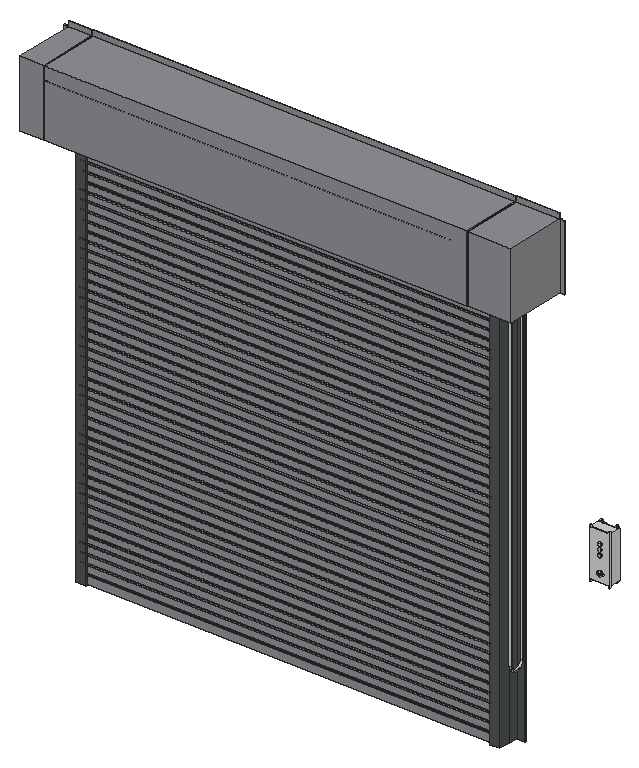
Revit family "Doors_Industrial_Overhead-Door-Corporation_EverServe-HD-Rolling-Steel-Service-Doors-625S_", category Specialty Equipment, host Wall, Revit 2019
Family settings
  Host = Wall
  Round Connector Dimension = Use Diameter
  Part Type = Normal
  OmniClass Number = 23.30.10.21.34
  OmniClass Title = Industrial Doors
  Always vertical = Yes
  Cut with Voids When Loaded = Yes
  Shared = No
  Room Calculation Point = No
Parameters (values of type "208 volts, one phase, 60 Hz (208-240V range)")
  Warning Sign [instance] = if(Calculated Area > 683.00 SF, 1 = 1, 1 = 2)  # no
  Warning (Note) [instance] = if(Warning Sign, "The Door Area is out of the limit; please adjust accordingly. The maximum allowed area is 683 sq. ft.", if(Opening Height > 360", "Headroom Clearance Dimensions - out of the limits. Consult Factory", " "))  # " "
  Wall Thickness [instance] = 6"
  Voltage = 208 V
  True Opening Width [instance] = Clear Width  # 120"
  True Opening Height [instance] = Clear Height  # 120"
  Slat Type [instance] = if(Slat Option < 2, "F-265i", "F-265")  # "F-265i"
  Slat Option [instance] = 1
  Slat Length [instance] = Clear Width + G Value * 2 - 1" / 2 * 2  # 126"
  Slat Height [instance] = 13 19/128"  # constant formula
  Slat [instance] = if(Slat Option < 2, 2, 1)  # 2
  Product Page URL = "https://www.overheaddoor.com/rolling-steel-service-doors-625S"
  Power Factor = 1
  Powder Coat (Note) = "PowderGuard® Premium powder coat finish options are available in approximately 200 colors as well as custom matching to specification. PowderGuard® Textured finish, a thicker, more scratch resistant coat, is available in 11 colors providing enhanced scratch resistance as well as aiding in hiding the dirt and blemishes that often occur in commercial environments.​"  # constant formula
  Opening Width Real [instance] = if(Opening Width > Max Opening Width, Max Opening Width, if(Opening Width < Min Opening Width, Min Opening Width, Opening Width))  # 120"
  Opening Width [instance] = 120"
  Opening Height Real [instance] = if(Opening Height > Max Opening Height, Max Opening Height, if(Opening Height < Min Opening Height, Min Opening Height, Opening Height))  # 120"
  Opening Height [instance] = 120"
  One Array element [instance] = not(Array Vis)  # no
  Number of Poles = 1
  Motor Position [instance] = M Value - G Value  # 2 3/4"
  Min Opening Width [instance] = 18"  # constant formula
  Min Opening Height [instance] = 24"  # constant formula
  Max Opening Width [instance] = 360"  # constant formula
  Max Opening Height [instance] = 240"  # constant formula
  Material Finish [instance] = 625S : Standard - Gray
  M Value [instance] = if(or(Opening Width < 108", Opening Width = 108"), 5 3/4", if(or(Opening Width < 180", Opening Width = 180"), 6 1/4", if(or(Opening Width < 240", Opening Width = 240"), 7 1/4", 9 1/4")))  # 6 1/4"
  Installation Real [instance] = Wall Thickness  # 6"
  Hood Type [instance] = "Square Hood"  # constant formula
  Hood Offset [instance] = 4"  # constant formula
  Hood Material [instance] = Metal - Overhead Door - Gray
  Hood Height [instance] = A Value + 2"  # 20"
  Headroom Height Real [instance] = Hood Offset + Hood Height  # 24"
  Headroom Height [instance] = Headroom Height Real + 1 1/2"  # 25 1/2"
  HC 4 [instance] = if(or(Clear Height < 84", Clear Height = 84"), 16", if(or(Clear Height < 132", Clear Height = 132"), 18", if(or(Clear Height < 192", Clear Height = 192"), 20", 22")))  # 18"
  HC 3 [instance] = if(or(Clear Height < 108", Clear Height = 108"), 16", if(or(Clear Height < 168", Clear Height = 168"), 18", 20"))  # 18"
  HC 2 [instance] = if(or(Clear Height < 60", Clear Height = 60"), 14", if(or(Clear Height < 120", Clear Height = 120"), 16", if(or(Clear Height < 180", Clear Height = 180"), 18", 20")))  # 16"
  HC 1 [instance] = if(or(Clear Height < 96", Clear Height = 96"), 14", if(or(Clear Height < 168", Clear Height = 168"), 16", 18"))  # 16"
  Guide Type [instance] = "Angled Z Guide"  # constant formula
  Guid Depth [instance] = D Value  # 6 1/4"
  G Value [instance] = if(or(Opening Width < 108", Opening Width = 108"), 3", if(or(Opening Width < 180", Opening Width = 180"), 3 1/2", if(or(Opening Width < 240", Opening Width = 240"), 4", 5 9/16")))  # 3 1/2"
  Frequency = 60 Hz
  Face of Wall Offset [instance] = 5"  # constant formula
  Door Width True [instance] = Clear Width + M Value * 2  # 132 1/2"
  Door Width (Real) [instance] = Clear Width + 1"  # 121"
  Door Height True [instance] = Clear Width + Headroom Height  # 145 1/2"
  Door Height (Real) [instance] = Clear Height + Hood Offset  # 124"
  URL = "https://www.overheaddoor.com/"
  Product data url = "https://www.bimobject.com/overhead-door/product/everserve-hd-rolling-steel-service-doors-625S"
  Product Guid = "6a0fd513-d7c8-41b2-bc4f-ca6d2d5c098a"
  Model = "625S"  # constant formula
  Manufacturer = "Overhead Door Corporation"  # constant formula
  Wall Closure = By host
  Floor To (CL) of Shaft [instance] = Clear Height + Hood Height / 2 + Hood Offset  # 134"
  Finish Material = Finish - Overhead Door - Black
  Description = "Everserve Model 625S Springless service door"  # constant formula
  D Value [instance] = if(or(Opening Width < 108", Opening Width = 108"), 5 11/16", if(or(Opening Width < 180", Opening Width = 180"), 6 1/4", if(or(Opening Width < 240", Opening Width = 240"), 6 3/16", 7 1/16")))  # 6 1/4"
  Clear Width [instance] = Opening Width Real  # 120"
  Clear Height [instance] = Opening Height Real  # 120"
  Current = 20 A
  Backroom Depth [instance] = A Value + 1/2"  # 18 1/2"
  BJ Displacement Real [instance] = 0"  # constant formula
  Array Vis [instance] = if(Array < 2, 1 = 2, 1 = 1)  # yes
  Array Real [instance] = if(Array < 2, 2, Array)  # 10
  Array Length [instance] = (Array) * Slat Height  # 131 31/64"
  Array [instance] = rounddown(([Door Height (Real)] - 3") / Slat Height) + 1  # 10
  Calculated Area [instance] = [Door Width (Real)] * [Door Height (Real)]  # 104.194 SF
  Apparent Load Phase 3 = if(Number of Poles = 1, 0 VA, (Voltage * Current * sqrt(3)) / 3)  # 0 VA
  Apparent Load Phase 2 = if(Number of Poles = 1, 0 VA, (Voltage * Current * sqrt(3)) / 3)  # 0 VA
  Apparent Load Phase 1 = if(Number of Poles = 1, Voltage * Current, (Voltage * Current * sqrt(3)) / 3)  # 4160 VA
  A Value [instance] = if(Slat Option < 2, HC 4, HC 3)  # 18"
Reference planes (in)
  plane 1 "Center (Front/Back)": y = -14.625
  plane 2 "Center (Left/Right)": x = 0
  plane 3 "Left": x = -60
  plane 4 "Right": x = 60
  plane 5 "Exterior": y = -8.625
  plane 6 "Interior": y = -14.625
  plane 7: x = 66.25
  plane 8: x = -66.25
  plane 9: z = 120
  plane 10 "Main": y = -20.23437
  plane 11 "Backroom Depth": y = -32.125
  plane 12 "Main Door Block": y = -13.625
  plane 13 "Bottom Bar": z = 2.75
  plane 14: y = -20.875
  plane 15: z = 134.23438
  plane 16: z = 144
  plane 17: z = 124
  plane 18: z = 145.5
  plane 19: z = 0
  plane 20: z = 60
  plane 21: y = -20.0625
  plane 22: y = 18.375
  plane 23: y = -41.625
  plane 24 "Double Main": y = -19.656
  plane 25 "Headroom Top": z = 145.5
  plane 26: z = 134
  plane 27: x = 63.5
  plane 28: x = -63.5
  plane 29: z = 121.08594
  plane 30: y = -20.0625
  plane 31: z = 2.75
  plane 32: y = -20.0625
  plane 33: z = 121.08594
  plane 34: y = -20.0625
  plane 35: z = 15.89844
  plane 36: y = -20.0625
  plane 37: z = 29.04688
  plane 38: y = -20.0625
  plane 39: z = 42.19531
  plane 40: y = -20.0625
  plane 41: z = 55.34375
  plane 42: y = -20.0625
  plane 43: z = 68.49219
  plane 44: y = -20.0625
  plane 45: z = 81.64063
  plane 46: y = -20.0625
  plane 47: z = 94.78906
  plane 48: y = -20.0625
  plane 49: z = 107.9375
  plane 50: z = 2.75
  plane 51: y = -20.0625
  plane 52: z = 121.08594
  plane 53: y = -20.0625
  plane 54: z = 15.89844
  plane 55: y = -20.0625
  plane 56: z = 29.04688
  plane 57: y = -20.0625
  plane 58: z = 42.19531
  plane 59: y = -20.0625
  plane 60: z = 55.34375
  plane 61: y = -20.0625
  plane 62: z = 68.49219
  plane 63: y = -20.0625
  plane 64: z = 81.64063
  plane 65: y = -20.0625
  plane 66: z = 94.78906
  plane 67: y = -20.0625
  plane 68: z = 107.9375
  plane 69: y = -20.0625
Forms (in)
  Extrusion 1, void
    sketch origin (0, -13.625, 0) x (0, 0, -1) y (-1, 0, 0)
      loop
        line (-120, 60) -> (-120, -60) -> (0, -60) -> (0, 60) -> (-120, 60)
    from -1 to 5
Text (in)
  text "Exterior" at (-74.96733, 27.31104, 0), in view "Ref. Level"
  text "Interior" at (-74.96733, -25.14366, 0), in view "Ref. Level"
  text "Exterior" at (0, 40.15149, 123.01588), in view "Right"
  text "Interior" at (0, -64.39139, 123.01588), in view "Right"
  text "Interior" at (0, -31.01599, 123.00693), in view "Left"
  text "Exterior" at (0, 54.57065, 123.00693), in view "Left"
Dimensions and locks (in)
  equal spacing: plane 3 "Left", plane 2 "Center (Left/Right)", plane 4 "Right"
  "Clear Width": plane 3 "Left" to plane 4 "Right"
  level to host wall = 459.59655"
  "Clear Height": level to plane 9
  plane 7 to plane 8 = 132 1/2"
  equal spacing: plane 7, plane 2 "Center (Left/Right)", plane 8
  locked: plane 13 "Bottom Bar" to level at 2.75
  "Door Width True": plane 7 to plane 8
  locked: plane 14 to plane 10 "Main" at 0.64063
  "Array Length": plane 15 to plane 13 "Bottom Bar"
  "Backroom Depth": plane 11 "Backroom Depth" to plane 12 "Main Door Block"
  "Hood Height": plane 16 to plane 17
  locked: plane 18 to plane 16 at 1.5
  "Installation Real": plane 1 "Center (Front/Back)" to plane 5 "Exterior"
  "Wall Thickness": host wall to host wall
  equal spacing: plane 9, plane 20, plane 19
  locked: plane 10 "Main" to plane 21 at 0.17187
  equal spacing: plane 22, host wall, plane 23
  locked: plane 22 to plane 23 at 60
  locked: plane 10 "Main" to plane 24 "Double Main" at 0.57837
  "Hood Offset": plane 17 to plane 9
  "Headroom Height": plane 25 "Headroom Top" to plane 9
  "Floor To (CL) of Shaft": plane 26 to level
  "Motor Position": plane 7 to plane 27
  "Motor Position": plane 28 to plane 8
  "Guid Depth": plane 14 to plane 1 "Center (Front/Back)"
  "Slat Height": plane 15 to plane 29
  equal spacing: group 1, group 3, group 4, group 5, group 6, group 7, group 8, group 9, group 10, group 2  (x2)
  equal spacing: group 2, group 10, group 9, group 8, group 7, group 6, group 5, group 4, group 3, group 1
  equal spacing: group 12, group 20, group 19, group 18, group 17, group 16, group 15, group 14, group 13, group 11  (x2)
  equal spacing: group 11, group 13, group 14, group 15, group 16, group 17, group 18, group 19, group 20, group 12
  aligned and locked: plane 5 "Exterior" to host wall
  aligned and locked: host wall to plane 6 "Interior"
  aligned and locked: level to Extrusion 1 sketch curve
  aligned and locked: Extrusion 1 to plane 5 "Exterior"
  aligned and locked: plane 6 "Interior" to Extrusion 1
  aligned and locked: nested 1 to plane 2 "Center (Left/Right)"
  aligned and locked: nested 1 to level
  aligned and locked: level to plane 19
  aligned and locked: nested 1 to plane 1 "Center (Front/Back)"
  aligned and locked: plane 2 "Center (Left/Right)" to nested 2
  aligned and locked: nested 2 to plane 22
  aligned and locked: plane 23 to nested 3
  aligned and locked: nested 3 to plane 2 "Center (Left/Right)"
  aligned and locked: nested 4 to plane 20
  aligned and locked: plane 2 "Center (Left/Right)" to nested 4
  aligned and locked: nested 4 to plane 21
  aligned and locked: plane 4 "Right" to Extrusion 1 sketch curve
  aligned and locked: plane 3 "Left" to Extrusion 1 sketch curve
  aligned and locked: Extrusion 1 sketch curve to plane 9
  aligned and locked: plane 13 "Bottom Bar" to plane 31
  aligned and locked: plane 21 to plane 30
  aligned and locked: plane 29 to plane 33
  aligned and locked: plane 32 to plane 21
  aligned and locked: plane 13 "Bottom Bar" to plane 50
  aligned and locked: plane 21 to plane 51
  aligned and locked: plane 29 to plane 52
  aligned and locked: plane 53 to plane 21
  aligned and locked: plane 21 to nested 15
Nested families (in)
  nested 1: "Lifts" at (0, -14.625, 0), type "Frame Unit"
    with Square Hood yes, Round Hood no, Right Motor Position yes, Octagon Hood no, No Hood no, Hood Height 20", Headroom Height Real 24", Half Hood Height 20", Shaft Offset 9 1/4", Headroom Height 24", Header Width 18 1/2", Floor To (CL) of Shaft 134"
  nested 2: "Label Annotation 1" at (0, 18.375, 0), visible <- "Warning Sign", type "Label Annotation 1"
  nested 3: "Label Annotation 1" at (0, -41.625, 0) x (-1, 0, 0) z (0, 0, 1), visible <- "Warning Sign", type "Label Annotation 1"
  nested 4: "Warning Sign" at (0, -20.0625, 60), visible <- "Warning Sign", type "Warning Sign"
    with Warning Sign no
  nested 5: "625S" at (0, -20.0625, 2.75), Slat Option <- "Slat", Opening Width <- "Slat Length", visible <- "Array Vis", type <- "Material Finish", type "Standard - Gray"
    with not av no, Void Offset 1", Void Height 1", Slat Width 3/4", Slat Position + Offset 14.491", Slat Position 13.15", Slat Option 2, Opening Width 126", Integrated Cutout no, F-265i yes, F 265 no, Cutout Width Offset 1", Cutout Vertical Offset 1.341", Cutout Thickness 3/4", Cutout Horizontal Offset 1", Cutout Center Offset 0.298"
  nested 6: "625S" at (0, -20.0625, 121.08594), Slat Option <- "Slat", Opening Width <- "Slat Length", visible <- "Array Vis", type <- "Material Finish", type "Standard - Gray"
    with not av no, Void Offset 1", Void Height 1", Slat Width 3/4", Slat Position + Offset 14.491", Slat Position 13.15", Slat Option 2, Opening Width 126", Integrated Cutout no, F-265i yes, F 265 no, Cutout Width Offset 1", Cutout Vertical Offset 1.341", Cutout Thickness 3/4", Cutout Horizontal Offset 1", Cutout Center Offset 0.298"
  nested 7: "625S" at (0, -20.0625, 15.89844), Slat Option <- "Slat", Opening Width <- "Slat Length", visible <- "Array Vis", type <- "Material Finish", type "Standard - Gray"
    with not av no, Void Offset 1", Void Height 1", Slat Width 3/4", Slat Position + Offset 14.491", Slat Position 13.15", Slat Option 2, Opening Width 126", Integrated Cutout no, F-265i yes, F 265 no, Cutout Width Offset 1", Cutout Vertical Offset 1.341", Cutout Thickness 3/4", Cutout Horizontal Offset 1", Cutout Center Offset 0.298"
  nested 8: "625S" at (0, -20.0625, 29.04688), Slat Option <- "Slat", Opening Width <- "Slat Length", visible <- "Array Vis", type <- "Material Finish", type "Standard - Gray"
    with not av no, Void Offset 1", Void Height 1", Slat Width 3/4", Slat Position + Offset 14.491", Slat Position 13.15", Slat Option 2, Opening Width 126", Integrated Cutout no, F-265i yes, F 265 no, Cutout Width Offset 1", Cutout Vertical Offset 1.341", Cutout Thickness 3/4", Cutout Horizontal Offset 1", Cutout Center Offset 0.298"
  nested 9: "625S" at (0, -20.0625, 42.19531), Slat Option <- "Slat", Opening Width <- "Slat Length", visible <- "Array Vis", type <- "Material Finish", type "Standard - Gray"
    with not av no, Void Offset 1", Void Height 1", Slat Width 3/4", Slat Position + Offset 14.491", Slat Position 13.15", Slat Option 2, Opening Width 126", Integrated Cutout no, F-265i yes, F 265 no, Cutout Width Offset 1", Cutout Vertical Offset 1.341", Cutout Thickness 3/4", Cutout Horizontal Offset 1", Cutout Center Offset 0.298"
  nested 10: "625S" at (0, -20.0625, 55.34375), Slat Option <- "Slat", Opening Width <- "Slat Length", visible <- "Array Vis", type <- "Material Finish", type "Standard - Gray"
    with not av no, Void Offset 1", Void Height 1", Slat Width 3/4", Slat Position + Offset 14.491", Slat Position 13.15", Slat Option 2, Opening Width 126", Integrated Cutout no, F-265i yes, F 265 no, Cutout Width Offset 1", Cutout Vertical Offset 1.341", Cutout Thickness 3/4", Cutout Horizontal Offset 1", Cutout Center Offset 0.298"
  nested 11: "625S" at (0, -20.0625, 68.49219), Slat Option <- "Slat", Opening Width <- "Slat Length", visible <- "Array Vis", type <- "Material Finish", type "Standard - Gray"
    with not av no, Void Offset 1", Void Height 1", Slat Width 3/4", Slat Position + Offset 14.491", Slat Position 13.15", Slat Option 2, Opening Width 126", Integrated Cutout no, F-265i yes, F 265 no, Cutout Width Offset 1", Cutout Vertical Offset 1.341", Cutout Thickness 3/4", Cutout Horizontal Offset 1", Cutout Center Offset 0.298"
  nested 12: "625S" at (0, -20.0625, 81.64063), Slat Option <- "Slat", Opening Width <- "Slat Length", visible <- "Array Vis", type <- "Material Finish", type "Standard - Gray"
    with not av no, Void Offset 1", Void Height 1", Slat Width 3/4", Slat Position + Offset 14.491", Slat Position 13.15", Slat Option 2, Opening Width 126", Integrated Cutout no, F-265i yes, F 265 no, Cutout Width Offset 1", Cutout Vertical Offset 1.341", Cutout Thickness 3/4", Cutout Horizontal Offset 1", Cutout Center Offset 0.298"
  nested 13: "625S" at (0, -20.0625, 94.78906), Slat Option <- "Slat", Opening Width <- "Slat Length", visible <- "Array Vis", type <- "Material Finish", type "Standard - Gray"
    with not av no, Void Offset 1", Void Height 1", Slat Width 3/4", Slat Position + Offset 14.491", Slat Position 13.15", Slat Option 2, Opening Width 126", Integrated Cutout no, F-265i yes, F 265 no, Cutout Width Offset 1", Cutout Vertical Offset 1.341", Cutout Thickness 3/4", Cutout Horizontal Offset 1", Cutout Center Offset 0.298"
  nested 14: "625S" at (0, -20.0625, 107.9375), Slat Option <- "Slat", Opening Width <- "Slat Length", visible <- "Array Vis", type <- "Material Finish", type "Standard - Gray"
    with not av no, Void Offset 1", Void Height 1", Slat Width 3/4", Slat Position + Offset 14.491", Slat Position 13.15", Slat Option 2, Opening Width 126", Integrated Cutout no, F-265i yes, F 265 no, Cutout Width Offset 1", Cutout Vertical Offset 1.341", Cutout Thickness 3/4", Cutout Horizontal Offset 1", Cutout Center Offset 0.298"
  nested 15: "625S" at (0, -20.0625, 2.75), Slat Option <- "Slat", Opening Width <- "Slat Length", visible <- "One Array element", type <- "Material Finish", type "Standard - Gray"
    with not av no, Void Offset 1", Void Height 1", Slat Width 3/4", Slat Position + Offset 14.491", Slat Position 13.15", Slat Option 2, Opening Width 126", Integrated Cutout no, F-265i yes, F 265 no, Cutout Width Offset 1", Cutout Vertical Offset 1.341", Cutout Thickness 3/4", Cutout Horizontal Offset 1", Cutout Center Offset 0.298"
Connectors (in)
  electrical at (91.25, -17.915, 60), driven by "Apparent Load Phase 1", driven by "Apparent Load Phase 2", driven by "Apparent Load Phase 3", driven by "Power Factor", driven by "Voltage", driven by "Number of Poles"
    settings: on nested 1, index 1, voltage 208 V, apparent load 0 VA, apparent load phase1 4160 VA, apparent load phase2 0 VA, apparent load phase3 0 VA, power factor 1, load classification "Other", number of poles 1, system type 31, power factor state 1, is connector primary yes, connector utility no, sub classification motor no, connector description "Electrical Connector"
Definition of nested family "Lifts"
  Parameters (values of type "Frame Unit")
    True Width = if(Between Jambs, Opening Width, Opening Width + 1/2")  # 120 1/2"
    Square Hood [instance] = if(Hood Option = 2, 1 = 1, 1 = 2)  # yes
    Slat Option = 1
    Round Hood [instance] = if(Hood Option > 3, 1 = 1, 1 = 2)  # no
    Rough Width = 0"
    Rough Height = 0"
    Right Motor Position [instance] = yes
    Octagon Hood [instance] = if(Hood Option = 3, 1 = 1, 1 = 2)  # no
    No Hood [instance] = if(Hood Option < 2, 1 = 1, 1 = 2)  # no
    M Value = 6 1/4"
    Hood Type = if(Hood Option < 2, "No Hood", if(Hood Option = 2, "Square Hood", if(Hood Option = 3, "Octagon Hood", "Round Hood")))  # "Square Hood"
    Hood Option = 2
    Hood Offset = 4"
    Hood Height = Headroom Height Real - Hood Offset  # 18"
    Headroom Height Real = Headroom Height  # 22"
    Half Octagon Side = 3.41726"
    Half Hood Height = Headroom Height - Hood Offset  # 18"
    G Value = 3 1/2"
    E Guide Width = if(Between Jambs, Guide Offset - G Value + BJ Connection Length - BJ Displacement * 2 / 3, 3")  # 3"
    E Guide Height = 3"  # constant formula
    Z Guide = 1 = 1  # yes
    Slat Material = none
    Shaft Offset = if(Hood Height < Header Width, (Header Width - (Header Width - Hood Height)) / 2, Header Width / 2)  # 8 1/4"
    Shaft Material = none
    Shaft Length 2 = 18"  # constant formula
    Shaft Length 1 = 12"  # constant formula
    Setback = if(Between Jambs, 0", 1/2")  # 1/2"
    Opening Width = 120"
    Hood Material = none
    Headroom Height = 22"
    Header Width = 16 1/2"
    Opening Height = 120"
    Guide Type = if(Between Jambs, "Angled Between Jambs Z Guide", if(Guide Option > 1, "Angled Z Guide", "Angled E Guide"))  # "Angled Z Guide"
    Guide Option = if(Between Jambs, 1, 2)  # 2
    Guide Offset = BJ Displacement + G Value  # 3 1/2"
    Guide Z Wide = if(Between Jambs, Guide Offset - G Value + BJ Connection Length - BJ Displacement * 2 / 3, M Value - G Value)  # 2 3/4"
    Guide Z Height = 3"  # constant formula
    Floor To (CL) of Shaft = 133"
    Finish Material = none
    Face to Wall Mount = not(Between Jambs)  # yes
    E Guide = if(Between Jambs, 1 = 1, 1 = 2)  # no
    D Value = 6 1/4"
    Chain offset = if(Opening Height < 35", Opening Height - 5", 30")  # 30"
    Between Jambs = no
    BJ Position = if(Between Jambs, 1/4", 0")  # 0"
    BJ Displacement = 0"
    BJ Connection Length = 1 / 3 * BJ Displacement  # 0"
    Angled Guide = 1 = 1  # yes
    1 = 14.57"
  Reference planes (in)
    plane 1 "Center (Front/Back)": y = 0
    plane 2: z = 0
    plane 3 "Center (Left/Right)": x = 0
    plane 4 "Opening Height": z = 120
    plane 5: x = -72
    plane 6: x = 78
    plane 7: z = 142
    plane 8: y = 16.5
    plane 9 "Real Opening 2": x = -60
    plane 10 "Real Opening 1": x = 60
    plane 11: z = 124
    plane 12 "Main": y = 0
    plane 13: z = 133
    plane 14: x = 63.5
    plane 15: x = -63.5
    plane 16: x = -63.5
    plane 17: x = 63.5
    plane 18: y = 6.25
    plane 19: x = -63.25
    plane 20: x = 63.25
    plane 21: z = 143.5
    plane 22: y = 6.25
    plane 23: y = 5.125
    plane 24: y = 6.25
    plane 25: y = 5.125
    plane 26: y = 0.25
    plane 27: z = 124
    plane 28: z = 30
    plane 29: z = 0
    plane 30: x = 74
    plane 31: x = 91.25
    plane 32: z = 60
    plane 33: x = 88.2
    plane 34: x = 94.3
    plane 35: y = 3.54
    plane 36: x = 76.25
    plane 37: x = -70.25
  Forms (in)
    Extrusion 1, solid, material <- "Slat Material"
      sketch origin (0, 0, 0) x (0, 1, 0) y (0, 0, 1)
        loop
          line (5.4375, 2.375) -> (5.4375, 2.75) -> (4.8125, 2.75) -> (4.8125, 2.375) -> (5.4375, 2.375)
      from -63.25 to 63.25
    Extrusion 2, solid, material <- "Slat Material"
      sketch origin (0, 0, 0) x (0, 1, 0) y (0, 0, 1)
        loop
          line (5.4375, 2.375) -> (4.8125, 2.375) -> (4.8125, 0) -> (5.4375, 0) -> (5.4375, 2.375)
      from -63.25 to 63.25
    Extrusion 3, solid, material <- "Shaft Material"
      sketch origin (0, -5.35201, 0) x (0, 1, 0) y (0, 0, 1)
        loop
          circle (13.60201, 133) r 0.6
      from -70.25 to 76.25
    Extrusion 4, solid, material <- "Hood Material", visible <- "Square Hood"
      sketch origin (0, 0, 0) x (0, 1, 0) y (0, 0, 1)
        loop
          line (0, 124) -> (16.5, 124) -> (16.5, 143.5) -> (0, 143.5) -> (0, 124)
      from -63.25 to 63.25
    Extrusion 5, solid, material <- "Finish Material", visible <- "E Guide"
      sketch origin (0, 0, 0) x (1, 0, 0) y (0, 1, 0)
        loop
          line (60.5, 0) -> (63.5, 0) -> (63.5, 3) -> (63.4375, 3)
          arc (63.4375, 3) -> (63.30492, 2.94508) -> (63.25, 2.8125) r 0.1875
          line (63.25, 2.8125) -> (63.25, 0.25) -> (60.6875, 0.25)
          arc (60.6875, 0.25) -> (60.55492, 0.19508) -> (60.5, 0.0625) r 0.1875
          line (60.5, 0.0625) -> (60.5, 0)
        loop
          line (-60.5, 0) -> (-60.5, 0.0625)
          arc (-60.5, 0.0625) -> (-60.55492, 0.19508) -> (-60.6875, 0.25) r 0.1875
          line (-60.6875, 0.25) -> (-63.25, 0.25) -> (-63.25, 2.8125)
          arc (-63.25, 2.8125) -> (-63.30492, 2.94508) -> (-63.4375, 3) r 0.1875
          line (-63.4375, 3) -> (-63.5, 3) -> (-63.5, 0) -> (-60.5, 0)
      from 0 to 124
    Extrusion 6, solid, material <- "Finish Material", visible <- "Z Guide"
      sketch origin (0, 0, 0) x (1, 0, 0) y (0, 1, 0)
        loop
          line (66.25, 0) -> (66.25, 0.062)
          arc (66.25, 0.062) -> (66.19494, 0.19494) -> (66.062, 0.25) r 0.188
          line (66.062, 0.25) -> (63.75, 0.25) -> (63.75, 2.812)
          arc (63.75, 2.812) -> (63.69494, 2.94494) -> (63.562, 3) r 0.188
          line (63.562, 3) -> (63.5, 3) -> (63.5, 0) -> (66.25, 0)
        loop
          line (-66.25, 0) -> (-63.5, 0) -> (-63.5, 3) -> (-63.562, 3)
          arc (-63.562, 3) -> (-63.69494, 2.94494) -> (-63.75, 2.812) r 0.188
          line (-63.75, 2.812) -> (-63.75, 0.25) -> (-66.062, 0.25)
          arc (-66.062, 0.25) -> (-66.19494, 0.19494) -> (-66.25, 0.062) r 0.188
          line (-66.25, 0.062) -> (-66.25, 0)
      from 0 to 124
    Extrusion 7, solid, material <- "Finish Material", visible <- "Angled Guide"
      sketch origin (0, 0, 0) x (1, 0, 0) y (0, 1, 0)
        loop
          line (60.5, 6.25) -> (60.5, 6.187)
          arc (60.5, 6.187) -> (60.55477, 6.05477) -> (60.687, 6) r 0.187
          line (60.687, 6) -> (63.25, 6) -> (63.25, 4.25) -> (60.5, 4.25) -> (60.5, 4.187)
          arc (60.5, 4.187) -> (60.55477, 4.05477) -> (60.687, 4) r 0.187
          line (60.687, 4) -> (63, 4) -> (63, 2.3125) -> (63.25, 2.3125) -> (63.25, 2) -> (63.5, 2) -> (63.5, 6.25) -> (60.5, 6.25)
        loop
          line (-60.5, 6.25) -> (-63.5, 6.25) -> (-63.5, 2) -> (-63.25, 2) -> (-63.25, 2.3125) -> (-63, 2.3125) -> (-63, 4) -> (-60.687, 4)
          arc (-60.687, 4) -> (-60.55477, 4.05477) -> (-60.5, 4.187) r 0.187
          line (-60.5, 4.187) -> (-60.5, 4.25) -> (-63.25, 4.25) -> (-63.25, 6) -> (-60.687, 6)
          arc (-60.687, 6) -> (-60.55477, 6.05477) -> (-60.5, 6.187) r 0.187
          line (-60.5, 6.187) -> (-60.5, 6.25)
      from 0 to 124
    Extrusion 8, solid, material <- "Hood Material"
      sketch origin (0, 0, 0) x (-1, 0, 0) y (0, 0, 1)
        loop
          line (63.25, 124) -> (63.5, 124) -> (63.5, 142) -> (63.25, 142) -> (63.25, 124)
        loop
          line (-63.5, 124) -> (-63.25, 124) -> (-63.25, 142) -> (-63.5, 142) -> (-63.5, 124)
      from 0 to 16.5
    Extrusion 9, solid, material <- "Hood Material"
      sketch origin (0, 0, 0) x (1, 0, 0) y (0, 1, 0)
        loop
          line (-72, 0) -> (-63.5, 0) -> (-63.5, 16.5) -> (-72, 16.5) -> (-72, 0)
        loop
          line (78, 0) -> (78, 16.5) -> (63.5, 16.5) -> (63.5, 0) -> (78, 0)
      from 124 to 143.5
    Extrusion 10, void
      sketch origin (0, 0, 0) x (1, 0, 0) y (0, 0, 1)
        loop
          line (-72, 143.5) -> (-72, 124) -> (-70.5, 124) -> (-70.5, 142) -> (76.5, 142) -> (76.5, 120) -> (78, 120) -> (78, 143.5) -> (-72, 143.5)
      from -0.25 to -16.5
    Extrusion 11, void
      sketch origin (0, 0, 0) x (1, 0, 0) y (0, 0, 1)
        loop
          line (-72, 142) -> (-70.5, 142) -> (-70.5, 143.5) -> (-72, 143.5) -> (-72, 142)
        loop
          line (78, 142) -> (78, 143.5) -> (76.5, 143.5) -> (76.5, 142) -> (78, 142)
      from 0 to -0.25
    Sweep 12, solid
      path origin (74, -12.75, 1000) x (0, -1, 0) y (0, 0, 1)
        loop
          line (-26.53866, -876) -> (-26.53866, -970)
          arc (-26.53866, -970) -> (-24.10116, -972.4375) -> (-21.66366, -970) r 2.4375
          line (-21.66366, -970) -> (-21.66366, -876)
      profile origin (74, 13.78866, 77) x (-1, 0, 0) y (0, -1, 0)
        loop
          circle (0, 0.2675) r 0.2675
    Extrusion 13, solid
      sketch origin (91.25, 0, 60) x (1, 0, 0) y (0, 0, 1)
        loop
          line (-3.05, 6.9501) -> (-3.05, -6.9501) -> (-2.68608, -7.50057)
          arc (-2.68608, -7.50057) -> (-2.29289, -7.67009) -> (-1.98022, -7.37757) r 0.3909
          arc (-1.98022, -7.37757) -> (-1.82768, -7.14063) -> (-1.56135, -7.04853) r 0.43113
          line (-1.56135, -7.04853) -> (1.56135, -7.04853)
          arc (1.56135, -7.04853) -> (1.82768, -7.14063) -> (1.98022, -7.37757) r 0.43113
          arc (1.98022, -7.37757) -> (2.29289, -7.67009) -> (2.68608, -7.50057) r 0.3909
          line (2.68608, -7.50057) -> (3.05, -6.9501) -> (3.05, 6.9501) -> (2.68608, 7.50057)
          arc (2.68608, 7.50057) -> (2.29289, 7.67009) -> (1.98022, 7.37757) r 0.3909
          arc (1.98022, 7.37757) -> (1.82768, 7.14063) -> (1.56135, 7.04853) r 0.43113
          line (1.56135, 7.04853) -> (-1.56135, 7.04853)
          arc (-1.56135, 7.04853) -> (-1.82768, 7.14063) -> (-1.98022, 7.37757) r 0.43113
          arc (-1.98022, 7.37757) -> (-2.29289, 7.67009) -> (-2.68608, 7.50057) r 0.3909
          line (-2.68608, 7.50057) -> (-3.05, 6.9501)
      from 0 to -3.29
    Extrusion 14, solid
      sketch origin (91.25, 0, 60) x (1, 0, 0) y (0, 0, 1)
        loop
          line (3.05, -7.50057) -> (3.05, 7.50057) -> (2.68608, 7.50057) -> (2.68608, 6.9501) -> (-2.68608, 6.9501) -> (-2.68608, 7.50057) -> (-3.05, 7.50057) -> (-3.05, -7.50057) -> (-2.68608, -7.50057) -> (-2.68608, -6.9501) -> (2.68608, -6.9501) -> (2.68608, -7.50057) -> (3.05, -7.50057)
      from -3.54 to -3.29
    Extrusion 15, void
      sketch origin (100.25, 0, 60) x (0, -1, 0) y (0, 0, -1)
        loop
          line (-3.29, -7.6759) -> (-0.25, -7.6759) -> (-0.25, -6.9501) -> (-3.29, -6.9501) -> (-3.29, -7.6759)
        loop
          line (-3.29, 7.6759) -> (-3.29, 6.9501) -> (-0.25, 6.9501) -> (-0.25, 7.6759) -> (-3.29, 7.6759)
      from -12.05 to -5.95
    Extrusion 16, solid
      sketch origin (91.25, 0, 60) x (1, 0, 0) y (0, 0, 1)
        loop
          circle (0, -4.5) r 0.75
        loop
          circle (0, 3.35363) r 0.5
        loop
          circle (0, 1.85363) r 0.5
        loop
          circle (0, 0.35363) r 0.5
      from -3.54 to -3.66
    Extrusion 17, solid
      sketch origin (91.25, 0, 59.5) x (1, 0, 0) y (0, 0, 1)
        loop
          line (-0.6134, -3.85528) -> (-0.6134, -4.14472) -> (1.1366, -4.14472) -> (1.1366, -3.85528) -> (-0.6134, -3.85528)
      from -3.66 to -4.03743
  Cuts and joins
    Extrusion 10, Extrusion 11 cuts Extrusion 9
    Extrusion 10 cuts Extrusion 4
    Extrusion 15 cuts Extrusion 13
  Lines and regions (in)
    Masking region 1
      outline origin (0, 0, 0) x (1, 0, 0) y (0, 1, 0)
        loop
          line (-63.5, 16.5) -> (-63.5, 0) -> (63.5, 0) -> (63.5, 16.5) -> (-63.5, 16.5)
    Masking region 2
      outline origin (0, 0, 0) x (1, 0, 0) y (0, 1, 0)
        loop
          line (63.5, 0) -> (78, 0) -> (78, 0.25) -> (76.5, 0.25) -> (76.5, 16.5) -> (63.5, 16.5) -> (63.5, 0)
        loop
          line (-63.5, 0) -> (-63.5, 16.5) -> (-70.5, 16.5) -> (-70.5, 0.25) -> (-72, 0.25) -> (-72, 0) -> (-63.5, 0)
    Masking region 3
      outline origin (0, 0, 0) x (1, 0, 0) y (0, 1, 0)
        loop
          line (88.2, 3.54) -> (88.2, 0) -> (94.3, 0) -> (94.3, 3.54) -> (88.2, 3.54)
    Masking region 4
      outline origin (91.25, 0, 60) x (0, -1, 0) y (1, 0, 0)
        loop
          line (-3.54, -0.75) -> (-3.54, 0.75) -> (-3.66, 0.75) -> (-3.66, 1.1366) -> (-4.03743, 1.1366) -> (-4.03743, -0.6134) -> (-3.66, -0.6134) -> (-3.66, -0.75) -> (-3.54, -0.75)
    symbolic lines
      curve 1: line (-63.25, 0, 0) -> (-63.25, 16.5, 0)
      curve 2: line (63.25, 16.5, 0) -> (63.25, 0, 0)
      curve 4: line (-72, 0.25, 0) -> (78, 0.25, 0)
      curve 6: line (88.2, 3.29, 0) -> (94.3, 3.29, 0)
      curve 7: line (88.2, 0.25, 0) -> (94.3, 0.25, 0)
      curve 8: line (90.5, 3.66, 60) -> (92.3866, 3.66, 60)
    symbolic lines, visible <- "Octagon Hood"
      curve 3: line (-63.25, 12.69239, 0) -> (63.25, 12.69239, 0)
    reference lines
      curve 5: line (91.25, 0, 60) -> (100.25, 0, 60)
  Dimensions and locks (in)
    Extrusion 1 sketch curve to level = 2 3/8"
    locked: Extrusion 1 sketch curve to Extrusion 1 sketch curve at 0.625
    locked: Extrusion 2 sketch curve to level at 2.375
    "Headroom Height Real": plane 7 to plane 4 "Opening Height"
    plane 8 to plane 1 "Center (Front/Back)" = 16 1/2"
    "Opening Height": plane 4 "Opening Height" to level
    "Hood Offset": plane 11 to plane 4 "Opening Height"
    "BJ Position": plane 12 "Main" to plane 1 "Center (Front/Back)"
    "Header Width": plane 12 "Main" to plane 8
    "Floor To (CL) of Shaft": plane 13 to level
    "Shaft Offset": Extrusion 3 sketch curve to plane 8
    locked: Extrusion 2 sketch curve to Extrusion 2 sketch curve at 0.625
    "Guide Offset": plane 10 "Real Opening 1" to plane 14
    "Guide Offset": plane 15 to plane 9 "Real Opening 2"
    locked: Extrusion 5 sketch curve to Extrusion 5 sketch curve at 0.25  (x4)
    "E Guide Height": Extrusion 5 sketch curve to Extrusion 5 sketch curve  (x2)
    "E Guide Width": Extrusion 5 sketch curve to Extrusion 5 sketch curve  (x2)
    locked: Extrusion 6 sketch curve to Extrusion 6 sketch curve at 0.25  (x4)
    "Guide Z Wide": Extrusion 6 sketch curve to Extrusion 6 sketch curve  (x2)
    "Guide Z Height": Extrusion 6 sketch curve to Extrusion 6 sketch curve  (x2)
    locked: Extrusion 7 sketch curve to Extrusion 7 sketch curve at 0.25  (x8)
    locked: Extrusion 7 sketch curve to Extrusion 7 sketch curve at 2.25  (x2)
    locked: Extrusion 7 sketch curve to Extrusion 7 sketch curve at 4.25  (x2)
    locked: Extrusion 7 sketch curve to Extrusion 7 sketch curve at 0.3125  (x2)
    "Setback": plane 10 "Real Opening 1" to Extrusion 7 sketch curve
    "Setback": Extrusion 7 sketch curve to plane 9 "Real Opening 2"
    equal spacing: plane 15, plane 3 "Center (Left/Right)", plane 14
    "G Value": Extrusion 6 sketch curve to plane 9 "Real Opening 2"
    "G Value": plane 10 "Real Opening 1" to Extrusion 6 sketch curve
    "G Value": plane 10 "Real Opening 1" to plane 17
    "G Value": plane 16 to plane 9 "Real Opening 2"
    "Shaft Length 1": plane 5 to plane 9 "Real Opening 2"
    "Shaft Length 2": plane 6 to plane 10 "Real Opening 1"
    locked: Extrusion 2 to plane 17 at 0.25
    locked: Extrusion 2 to plane 16 at 0.25
    locked: plane 16 to plane 19 at 0.25
    locked: plane 20 to plane 17 at 0.25
    equal spacing: plane 9 "Real Opening 2", plane 3 "Center (Left/Right)", plane 10 "Real Opening 1"
    "Opening Width": plane 9 "Real Opening 2" to plane 10 "Real Opening 1"
    locked: plane 21 to plane 7 at 1.5
    "D Value": plane 1 "Center (Front/Back)" to plane 18
    "D Value": plane 22 to plane 1 "Center (Front/Back)"
    locked: plane 22 to plane 23 at 1.125
    equal spacing: Extrusion 1 sketch curve, plane 23, Extrusion 1 sketch curve
    "D Value": plane 24 to plane 1 "Center (Front/Back)"
    locked: plane 24 to plane 25 at 1.125
    equal spacing: Extrusion 2 sketch curve, plane 25, Extrusion 2 sketch curve
    "G Value": plane 10 "Real Opening 1" to Extrusion 7 sketch curve
    "G Value": Extrusion 7 sketch curve to plane 9 "Real Opening 2"
    locked: Extrusion 10 sketch curve to Extrusion 10 sketch curve at 1.5  (x2)
    locked: plane 26 to plane 12 "Main" at 0.25
    locked: Extrusion 11 sketch curve to Extrusion 11 sketch curve at 1.5  (x2)
    "Chain offset": plane 28 to plane 29
    locked: plane 30 to plane 6 at 4
    locked: plane 20 to plane 31 at 28
    locked: plane 32 to level at 60
    locked: curve 5 to curve 5 at 9
    plane 1 "Center (Front/Back)" to plane 35 = 3.54"
    equal spacing: plane 33, plane 31, plane 34
    locked: plane 33 to plane 34 at 6.1
    locked: plane 5 to plane 37 at 1.75
    locked: plane 36 to plane 6 at 1.75
    radius of Extrusion 5 sketch curve = 3/16"  (x4)
    radius of Extrusion 6 sketch curve = 0.188"  (x4)
    locked: Extrusion 7 sketch curve to Extrusion 7 sketch curve (radius 0.187")  (x4)
    aligned and locked: plane 2 to level
    aligned and locked: Extrusion 4 sketch curve to plane 8
    aligned and locked: plane 13 to Extrusion 3 sketch curve
    aligned and locked: plane 12 "Main" to Extrusion 5 sketch curve  (x2)
    aligned and locked: Extrusion 5 sketch curve to plane 14
    aligned and locked: plane 15 to Extrusion 5 sketch curve
    aligned and locked: Extrusion 6 sketch curve to plane 1 "Center (Front/Back)"  (x2)
    aligned and locked: Extrusion 7 sketch curve to Extrusion 7 sketch curve  (x4)
    aligned and locked: plane 18 to Extrusion 7 sketch curve
    aligned and locked: Extrusion 7 sketch curve to plane 18
    aligned and locked: plane 12 "Main" to Extrusion 4 sketch curve
    aligned and locked: Extrusion 8 sketch curve to plane 11  (x2)
    aligned and locked: Extrusion 8 sketch curve to plane 7  (x2)
    aligned and locked: plane 16 to Extrusion 8 sketch curve
    aligned and locked: Extrusion 8 sketch curve to plane 17
    aligned and locked: Masking region 1 sketch curve to Extrusion 4
    aligned and locked: Masking region 1 to curve 2  (x2)
    aligned and locked: Masking region 1 to curve 1  (x2)
    aligned and locked: Extrusion 2 to Extrusion 1
    aligned and locked: Extrusion 1 to Extrusion 2
    aligned and locked: Masking region 1 to plane 16
    aligned and locked: Masking region 1 to plane 17
    aligned and locked: plane 19 to Extrusion 8 sketch curve
    aligned and locked: plane 20 to Extrusion 8 sketch curve
    aligned and locked: plane 19 to Extrusion 4
    aligned and locked: Extrusion 4 to plane 20
    aligned and locked: plane 8 to Extrusion 8
    aligned and locked: plane 19 to curve 3
    aligned and locked: plane 20 to curve 3
    aligned and locked: Extrusion 4 sketch curve to plane 11
    aligned and locked: Extrusion 6 to plane 11
    aligned and locked: plane 11 to Extrusion 5
    aligned and locked: plane 11 to Extrusion 7
    aligned and locked: Extrusion 9 sketch curve to plane 5
    aligned and locked: plane 16 to Extrusion 9 sketch curve
    aligned and locked: plane 1 "Center (Front/Back)" to Extrusion 9 sketch curve
    aligned and locked: Extrusion 9 sketch curve to plane 8  (x2)
    aligned and locked: Extrusion 9 sketch curve to plane 6
    aligned and locked: Extrusion 9 sketch curve to plane 14
    aligned and locked: Extrusion 9 sketch curve to plane 1 "Center (Front/Back)"
    aligned and locked: Extrusion 9 to plane 11
    aligned and locked: Extrusion 9 to plane 21
    aligned and locked: Extrusion 10 sketch curve to plane 21
    aligned and locked: Extrusion 10 sketch curve to plane 7
    aligned and locked: Extrusion 10 sketch curve to plane 5
    aligned and locked: Extrusion 10 sketch curve to plane 6
    aligned and locked: Extrusion 10 sketch curve to plane 11
    aligned and locked: Extrusion 10 sketch curve to plane 4 "Opening Height"
    aligned and locked: Extrusion 10 to plane 8
    aligned and locked: Extrusion 10 to plane 26
    aligned and locked: Extrusion 4 sketch curve to plane 21
    aligned and locked: Extrusion 11 sketch curve to plane 5
    aligned and locked: Extrusion 11 sketch curve to plane 6
    aligned and locked: Extrusion 11 sketch curve to plane 7
    aligned and locked: Extrusion 11 sketch curve to plane 21
    aligned and locked: plane 21 to Extrusion 11 sketch curve
    aligned and locked: plane 7 to Extrusion 11 sketch curve
    aligned and locked: plane 26 to Extrusion 11
    aligned and locked: Extrusion 11 to plane 1 "Center (Front/Back)"
    aligned and locked: Masking region 2 sketch curve to plane 14
    aligned and locked: Masking region 2 sketch curve to cut or joined group of Extrusion 9, Extrusion 10, Extrusion 11  (x5)
    aligned and locked: cut or joined group of Extrusion 9, Extrusion 10, Extrusion 11 to Masking region 2 sketch curve
    aligned and locked: Masking region 2 sketch curve to plane 6
    aligned and locked: plane 16 to Masking region 2 sketch curve
    aligned and locked: Masking region 2 sketch curve to plane 26
    aligned and locked: Masking region 2 sketch curve to plane 5
    aligned and locked: plane 1 "Center (Front/Back)" to Masking region 2 sketch curve
    aligned and locked: curve 4 to plane 26
    aligned and locked: plane 5 to curve 4
    aligned and locked: plane 27 to Sweep 12 sketch curve  (x2)
    aligned and locked: plane 28 to Sweep 12 sketch curve  (x2)
    aligned and locked: plane 11 to plane 27
    aligned and locked: level to plane 29
    aligned and locked: plane 31 to curve 5
    aligned and locked: curve 5 to plane 32
    aligned and locked: Extrusion 3 to plane 36
    aligned and locked: plane 37 to Extrusion 3
    aligned and locked: plane 35 to Masking region 3
    aligned and locked: plane 1 "Center (Front/Back)" to Extrusion 13
    aligned and locked: Extrusion 13 sketch curve to plane 34
    aligned and locked: Extrusion 13 sketch curve to plane 33
    aligned and locked: plane 34 to Masking region 3 sketch curve
    aligned and locked: Masking region 3 sketch curve to plane 33
    aligned and locked: Masking region 3 sketch curve to plane 35
    aligned and locked: plane 33 to Extrusion 15
    aligned and locked: Extrusion 15 to plane 34
    aligned and locked: plane 33 to curve 6
    aligned and locked: plane 34 to curve 6
    aligned and locked: plane 33 to curve 7
    aligned and locked: plane 34 to curve 7
  Automatic sketch dimensions
    Extrusion 14 sketch curve to curve 5 = 3.05"
    Extrusion 14 sketch curve to Extrusion 14 sketch curve = 0.36392"  (x4)
    curve 5 to Extrusion 14 sketch curve = 2.68608"
    Extrusion 14 sketch curve to curve 5 = 7.50057"
    Extrusion 14 sketch curve to Extrusion 14 sketch curve = 0.55048"  (x4)
    curve 5 to Extrusion 14 sketch curve = 6.9501"
    Masking region 1 sketch curve to plane 1 "Center (Front/Back)" = 0"
    Masking region 1 sketch curve to plane 15 = 0"
    Masking region 1 sketch curve to plane 14 = 0"
    Sweep 12 sketch curve to plane 8 = 2.71134"
    Sweep 12 sketch curve to Sweep 12 sketch curve = 2 7/16"
    Sweep 12 sketch curve to profile plane = 0"
    Sweep 12 sketch curve to profile plane = 0.2675"
    Extrusion 13 sketch curve to Extrusion 13 sketch curve = 0.36392"  (x2)
    Extrusion 13 sketch curve to Extrusion 13 sketch curve = 0.32608"  (x4)
    Extrusion 13 sketch curve to Extrusion 13 sketch curve = 0.79865"  (x2)
    Extrusion 13 sketch curve to Extrusion 13 sketch curve = 1.48865"
    curve 5 to Extrusion 13 sketch curve = 1.56135"
    Extrusion 13 sketch curve to Extrusion 13 sketch curve = 0.69"  (x2)
    Extrusion 13 sketch curve to curve 5 = 7.50057"  (x2)
    Extrusion 13 sketch curve to Extrusion 13 sketch curve = 0.0209"  (x2)
    Extrusion 13 sketch curve to Extrusion 13 sketch curve = 0.21557"  (x4)
    Extrusion 13 sketch curve to Extrusion 13 sketch curve = 0.43113"  (x3)
    Extrusion 13 sketch curve to Extrusion 13 sketch curve = 0.55048"  (x2)
    curve 5 to Extrusion 13 sketch curve = 6.9501"  (x2)
    Extrusion 13 sketch curve to Extrusion 13 sketch curve = 0.09844"
    Extrusion 13 sketch curve to Extrusion 13 sketch curve = 0.3349"  (x2)
    Extrusion 15 sketch curve to plane 26 = 0"  (x2)
    Extrusion 15 sketch curve to plane 35 = 1/4"  (x2)
    plane 32 to Extrusion 15 sketch curve = 7.6759"
    Extrusion 15 sketch curve to Extrusion 15 sketch curve = 0.7258"  (x2)
    Extrusion 15 sketch curve to plane 32 = 6.9501"
    Extrusion 17 sketch curve to curve 5 = 0.6134"
    curve 5 to Extrusion 17 sketch curve = 1.1366"
    Extrusion 17 sketch curve to curve 5 = 4.64472"
    Extrusion 17 sketch curve to Extrusion 17 sketch curve = 0.28943"
    Extrusion 16 sketch curve to curve 5 = 0"  (x3)
    curve 5 to Extrusion 16 sketch curve = 0"
    curve 5 to Extrusion 16 sketch curve = 0.35363"
    curve 5 to Extrusion 16 sketch curve = 1.85363"
    curve 5 to Extrusion 16 sketch curve = 3.35363"
    Extrusion 16 sketch curve to curve 5 = 4 1/2"
    plane 1 "Center (Front/Back)" to Masking region 3 sketch curve = 0"
    curve 4 to plane 6 = 0"
    curve 7 to plane 26 = 0"
    curve 6 to plane 35 = 1/4"
    curve 3 to curve 1 = 3.80761"
    Masking region 4 sketch curve to curve 5 = 4.03743"
    Masking region 4 sketch curve to Masking region 4 sketch curve = 0.37743"
    Masking region 4 sketch curve to curve 5 = 3/4"
    Masking region 4 sketch curve to Masking region 4 sketch curve = 0.1366"
    curve 5 to Masking region 4 sketch curve = 3/4"
    Masking region 4 sketch curve to Masking region 4 sketch curve = 0.3866"
    Masking region 4 sketch curve to Masking region 4 sketch curve = 0.12"  (x2)
    curve 8 to curve 5 = 3.66"
    curve 8 to curve 5 = 3/4"
    curve 5 to curve 8 = 1.1366"
    Extrusion 1 sketch curve to Extrusion 1 sketch curve = 3/8"
    Extrusion 2 sketch curve to level = 0"
    radius of Extrusion 3 sketch curve = 0.6"
    radius of Sweep 12 sketch curve = 0.2675"
    radius of Extrusion 16 sketch curve = 3/4"
    radius of Extrusion 16 sketch curve = 1/2"  (x3)
Definition of nested family "625S"
  Parameters (values of type "Standard - Gray")
    not av [instance] = 1 = 2  # no
    Void Offset [instance] = if(Integrated Cutout, 0", 1")  # 1"
    Void Height [instance] = 1"  # constant formula
    Standard = yes
    Slat Width [instance] = if(Slat Option < 2, 0.63", 3/4")  # 0.63"
    Slat Position + Offset [instance] = Slat Position + Cutout Vertical Offset  # 14.044"
    Slat Position [instance] = 2.63" * 5  # 13.15"
    Slat Option [instance] = 1
    Rough Height = 0"
    Fenestration Small = no
    Fenestration Large = no
    F-265i [instance] = if(Slat Option > 1, 1 = 1, 1 = 2)  # no
    F 265 [instance] = if(Slat Option < 2, 1 = 1, 1 = 2)  # yes
    Cutout Width Offset [instance] = 1"  # constant formula
    Cutout Thickness [instance] = if(F 265, 0.06", 3/4")  # 0.06"
    Cutout Material 2 = none
    Cutout Horizontal Offset [instance] = 1"  # constant formula
    Cutout Material = none
    Panel Material = none
    Opening Width [instance] = 128"
    Cutout Vertical Offset [instance] = if(F 265, 0.894", 1.341")  # 0.894"
    Default Elevation = 48"
    Integrated Cutout [instance] = if(or(Fenestration Large, Fenestration Small), 1 = 1, 1 = 2)  # no
    Cutout Center Offset [instance] = if(F 265, 0.315", 0.298")  # 0.315"
    Analytic Construction = "<None>"
  Types (8): name | Void Offset | Standard | Slat Width | Slat Position + Offset | Slat Option | Fenestration Large | F-265i | F 265 | Cutout Thickness | Cutout Vertical Offset | Integrated Cutout | Cutout Center Offset
    Standard - White | 1" | yes | 3/4" | 14.491" | 3 | no | yes | no | 3/4" | 1.341" | no | 0.298"
    Standard - Tan | 1" | yes | 3/4" | 14.491" | 3 | no | yes | no | 3/4" | 1.341" | no | 0.298"
    Standard - Gray | 1" | yes | 0.63" | 14.044" | 1 | no | no | yes | 0.06" | 0.894" | no | 0.315"
    Standard - Brown | 1" | yes | 3/4" | 14.491" | 3 | no | yes | no | 3/4" | 1.341" | no | 0.298"
    Vision lites 1”x10” - Brown | 0" | no | 3/4" | 14.491" | 3 | yes | yes | no | 3/4" | 1.341" | yes | 0.298"
    Vision lites 1”x10” - Gray | 0" | no | 3/4" | 14.491" | 3 | yes | yes | no | 3/4" | 1.341" | yes | 0.298"
    Vision lites 1”x10” - Tan | 0" | no | 3/4" | 14.491" | 3 | yes | yes | no | 3/4" | 1.341" | yes | 0.298"
    Vision lites 1”x10” - White | 0" | no | 3/4" | 14.491" | 3 | yes | yes | no | 3/4" | 1.341" | yes | 0.298"
  Reference planes (in)
    plane 1 "Center (Front/Back)": y = 0
    plane 2: z = 0
    plane 3 "Center (Left/Right)": x = 0
    plane 4: x = -64
    plane 5: x = 64
    plane 6: y = 0.63
    plane 7: y = 0
    plane 8: y = 0.315
    plane 9: x = -63
    plane 10: x = 63
    plane 11: y = 0.63
  Forms (in)
    Extrusion 1, solid, material <- "Panel Material", visible <- "F 265"
      sketch origin (0, -4.98186, 13.12534) x (0, 1, 0) y (0, 0, 1)
        loop
          arc (5.02225, -13.3083) -> (5.02946, -13.359) -> (5.06714, -13.39369) r 0.07621
          line (5.06714, -13.39369) -> (5.48892, -13.52622)
          arc (5.48892, -13.52622) -> (5.57147, -13.52307) -> (5.61186, -13.45101) r 0.08448
          line (5.61186, -13.45101) -> (5.61186, -11.01166)
          arc (5.61186, -11.01166) -> (5.58856, -10.95542) -> (5.53233, -10.93213) r 0.07953
          line (5.53233, -10.93213) -> (5.07146, -10.90651)
          arc (5.07146, -10.90651) -> (5.05162, -10.89829) -> (5.0434, -10.87845) r 0.02806
          line (5.0434, -10.87845) -> (5.06714, -10.76816) -> (5.48892, -10.90069)
          arc (5.48892, -10.90069) -> (5.57147, -10.89754) -> (5.61186, -10.82548) r 0.08448
          line (5.61186, -10.82548) -> (5.61186, -8.38613)
          arc (5.61186, -8.38613) -> (5.58856, -8.32989) -> (5.53233, -8.3066) r 0.07953
          line (5.53233, -8.3066) -> (5.07145, -8.28099)
          arc (5.07145, -8.28099) -> (5.05162, -8.27278) -> (5.0434, -8.25295) r 0.02804
          line (5.0434, -8.25295) -> (5.06682, -8.14253) -> (5.48892, -8.27516)
          arc (5.48892, -8.27516) -> (5.57147, -8.27201) -> (5.61186, -8.19995) r 0.08448
          line (5.61186, -8.19995) -> (5.61186, -5.7606)
          arc (5.61186, -5.7606) -> (5.58856, -5.70436) -> (5.53233, -5.68106) r 0.07953
          line (5.53233, -5.68106) -> (5.07146, -5.65544)
          arc (5.07146, -5.65544) -> (5.05162, -5.64722) -> (5.0434, -5.62738) r 0.02806
          line (5.0434, -5.62738) -> (5.06714, -5.51709) -> (5.48892, -5.64963)
          arc (5.48892, -5.64963) -> (5.57147, -5.64648) -> (5.61186, -5.57441) r 0.08448
          line (5.61186, -5.57441) -> (5.61186, -3.13506)
          arc (5.61186, -3.13506) -> (5.58856, -3.07882) -> (5.53233, -3.05553) r 0.07953
          line (5.53233, -3.05553) -> (5.07145, -3.02992)
          arc (5.07145, -3.02992) -> (5.05162, -3.02171) -> (5.0434, -3.00188) r 0.02804
          line (5.0434, -3.00188) -> (5.06682, -2.89146) -> (5.48892, -3.02409)
          arc (5.48892, -3.02409) -> (5.57147, -3.02094) -> (5.61186, -2.94888) r 0.08448
          line (5.61186, -2.94888) -> (5.61186, -0.50953)
          arc (5.61186, -0.50953) -> (5.58856, -0.45329) -> (5.53233, -0.43) r 0.07953
          line (5.53233, -0.43) -> (5.07094, -0.40562)
          arc (5.07094, -0.40562) -> (5.05177, -0.39768) -> (5.04383, -0.37851) r 0.02711
          line (5.04383, -0.37851) -> (5.09718, -0.11725)
          arc (5.09718, -0.11725) -> (5.4945, 0.04334) -> (5.06596, 0.04602) r 0.21842
          line (5.06596, 0.04602) -> (4.98186, -0.36586)
          arc (4.98186, -0.36586) -> (4.99921, -0.43741) -> (5.06536, -0.46972) r 0.08656
          line (5.06536, -0.46972) -> (5.51923, -0.48958)
          arc (5.51923, -0.48958) -> (5.5423, -0.49909) -> (5.55186, -0.52214) r 0.03256
          line (5.55186, -0.52214) -> (5.55186, -2.94108)
          arc (5.55186, -2.94108) -> (5.53961, -2.96526) -> (5.51287, -2.9697) r 0.03
          line (5.51287, -2.9697) -> (5.0787, -2.83327) -> (5.09726, -2.74238)
          arc (5.09726, -2.74238) -> (5.49489, -2.58243) -> (5.06631, -2.57951) r 0.21842
          line (5.06631, -2.57951) -> (4.98186, -2.99139)
          arc (4.98186, -2.99139) -> (4.99921, -3.06294) -> (5.06536, -3.09526) r 0.08656
          line (5.06536, -3.09526) -> (5.51923, -3.11511)
          arc (5.51923, -3.11511) -> (5.5423, -3.12462) -> (5.55186, -3.14767) r 0.03256
          line (5.55186, -3.14767) -> (5.55186, -5.56661)
          arc (5.55186, -5.56661) -> (5.53961, -5.5908) -> (5.51287, -5.59523) r 0.03
          line (5.51287, -5.59523) -> (5.07902, -5.45891) -> (5.09752, -5.36831)
          arc (5.09752, -5.36831) -> (5.49485, -5.20773) -> (5.06631, -5.20505) r 0.21842
          line (5.06631, -5.20505) -> (4.98186, -5.61692)
          arc (4.98186, -5.61692) -> (4.99921, -5.68847) -> (5.06536, -5.72079) r 0.08656
          line (5.06536, -5.72079) -> (5.51923, -5.74064)
          arc (5.51923, -5.74064) -> (5.5423, -5.75015) -> (5.55186, -5.7732) r 0.03256
          line (5.55186, -5.7732) -> (5.55186, -8.19214)
          arc (5.55186, -8.19214) -> (5.53961, -8.21633) -> (5.51287, -8.22076) r 0.03
          line (5.51287, -8.22076) -> (5.0787, -8.08434) -> (5.09726, -7.99345)
          arc (5.09726, -7.99345) -> (5.49489, -7.83349) -> (5.06631, -7.83058) r 0.21842
          line (5.06631, -7.83058) -> (4.98186, -8.24245)
          arc (4.98186, -8.24245) -> (4.99921, -8.31401) -> (5.06536, -8.34632) r 0.08656
          line (5.06536, -8.34632) -> (5.51923, -8.36618)
          arc (5.51923, -8.36618) -> (5.5423, -8.37569) -> (5.55186, -8.39874) r 0.03256
          line (5.55186, -8.39874) -> (5.55186, -10.81768)
          arc (5.55186, -10.81768) -> (5.53961, -10.84186) -> (5.51287, -10.8463) r 0.03
          line (5.51287, -10.8463) -> (5.07902, -10.70997) -> (5.09752, -10.61938)
          arc (5.09752, -10.61938) -> (5.49485, -10.45879) -> (5.06631, -10.45611) r 0.21842
          line (5.06631, -10.45611) -> (4.98186, -10.86799)
          arc (4.98186, -10.86799) -> (4.99921, -10.93954) -> (5.06536, -10.97185) r 0.08656
          line (5.06536, -10.97185) -> (5.51923, -10.99171)
          arc (5.51923, -10.99171) -> (5.5423, -11.00122) -> (5.55186, -11.02427) r 0.03256
          line (5.55186, -11.02427) -> (5.55186, -13.44321)
          arc (5.55186, -13.44321) -> (5.53961, -13.46739) -> (5.51287, -13.47183) r 0.03
          line (5.51287, -13.47183) -> (5.0787, -13.3354) -> (5.09726, -13.24451)
          arc (5.09726, -13.24451) -> (5.49489, -13.08456) -> (5.06631, -13.08164) r 0.21842
          line (5.06631, -13.08164) -> (5.01978, -13.30779)
      from -64 to 64
    Extrusion 2, void
      sketch origin (0, 0, 0) x (0, 1, 0) y (0, 0, 1)
        loop
          line (1.57, 1.394) -> (1.57, 0.394) -> (1.63, 0.394) -> (1.63, 1.394) -> (1.57, 1.394)
        loop
          line (1.57, 4.024) -> (1.57, 3.024) -> (1.63, 3.024) -> (1.63, 4.024) -> (1.57, 4.024)
        loop
          line (1.57, 6.654) -> (1.57, 5.654) -> (1.63, 5.654) -> (1.63, 6.654) -> (1.57, 6.654)
        loop
          line (1.57, 9.284) -> (1.57, 8.284) -> (1.63, 8.284) -> (1.63, 9.284) -> (1.57, 9.284)
        loop
          line (1.57, 11.914) -> (1.57, 10.914) -> (1.63, 10.914) -> (1.63, 11.914) -> (1.57, 11.914)
      from -63 to 63
    Extrusion 3, solid, material <- "Panel Material", visible <- "F-265i"
      sketch origin (0, -4.98186, 12.78) x (0, 1, 0) y (0, 0, 1)
        loop
          arc (5.02225, -12.96295) -> (5.02275, -12.99569) -> (5.03693, -13.0252) r 0.07621
          line (5.03693, -13.0252) -> (5.55133, -13.18684)
          arc (5.55133, -13.18684) -> (5.62265, -13.17501) -> (5.65531, -13.11052) r 0.08
          line (5.65531, -13.11052) -> (5.65531, -10.66688)
          arc (5.65531, -10.66688) -> (5.63343, -10.61191) -> (5.57975, -10.58701) r 0.08
          line (5.57975, -10.58701) -> (5.0815, -10.5593)
          arc (5.0815, -10.5593) -> (5.05605, -10.54876) -> (5.04551, -10.52331) r 0.03599
          line (5.04551, -10.52331) -> (5.06989, -10.41003) -> (5.55133, -10.5613)
          arc (5.55133, -10.5613) -> (5.62265, -10.54948) -> (5.65531, -10.48498) r 0.08
          line (5.65531, -10.48498) -> (5.65531, -8.04135)
          arc (5.65531, -8.04135) -> (5.63343, -7.98637) -> (5.57975, -7.96147) r 0.08
          line (5.57975, -7.96147) -> (5.08148, -7.93379)
          arc (5.08148, -7.93379) -> (5.05603, -7.92325) -> (5.04548, -7.89779) r 0.036
          line (5.04548, -7.89779) -> (5.06953, -7.78438) -> (5.55133, -7.93577)
          arc (5.55133, -7.93577) -> (5.62265, -7.92394) -> (5.65531, -7.85945) r 0.08
          line (5.65531, -7.85945) -> (5.65531, -5.41582)
          arc (5.65531, -5.41582) -> (5.63343, -5.36084) -> (5.57975, -5.33594) r 0.08
          line (5.57975, -5.33594) -> (5.0815, -5.30824)
          arc (5.0815, -5.30824) -> (5.05605, -5.2977) -> (5.04551, -5.27225) r 0.03599
          line (5.04551, -5.27225) -> (5.06989, -5.15896) -> (5.55133, -5.31024)
          arc (5.55133, -5.31024) -> (5.62265, -5.29841) -> (5.65531, -5.23392) r 0.08
          line (5.65531, -5.23392) -> (5.65531, -2.79028)
          arc (5.65531, -2.79028) -> (5.63343, -2.73531) -> (5.57975, -2.71041) r 0.08
          line (5.57975, -2.71041) -> (5.08148, -2.68272)
          arc (5.08148, -2.68272) -> (5.05603, -2.67218) -> (5.04548, -2.64673) r 0.036
          line (5.04548, -2.64673) -> (5.06953, -2.53332) -> (5.55133, -2.68471)
          arc (5.55133, -2.68471) -> (5.62265, -2.67288) -> (5.65531, -2.60839) r 0.08
          line (5.65531, -2.60839) -> (5.65531, -0.16474)
          arc (5.65531, -0.16474) -> (5.63335, -0.10968) -> (5.57953, -0.08485) r 0.08
          line (5.57953, -0.08485) -> (5.08062, -0.05849)
          arc (5.08062, -0.05849) -> (5.05598, -0.04829) -> (5.04577, -0.02365) r 0.03484
          line (5.04577, -0.02365) -> (5.09718, 0.2281)
          arc (5.09718, 0.2281) -> (5.4945, 0.38868) -> (5.06596, 0.39136) r 0.21842
          line (5.06596, 0.39136) -> (4.90531, -0.02051) -> (4.90531, -1.84216) -> (5.59531, -1.84216) -> (5.59531, -2.59573)
          arc (5.59531, -2.59573) -> (5.58306, -2.61992) -> (5.55632, -2.62435) r 0.03
          line (5.55632, -2.62435) -> (5.08132, -2.4751) -> (5.09726, -2.39704)
          arc (5.09726, -2.39704) -> (5.49507, -2.23803) -> (5.0667, -2.23228) r 0.21842
          line (5.0667, -2.23228) -> (4.90531, -2.64604) -> (4.90531, -4.46587) -> (5.59531, -4.46587) -> (5.59531, -5.22127)
          arc (5.59531, -5.22127) -> (5.58306, -5.24545) -> (5.55632, -5.24989) r 0.03
          line (5.55632, -5.24989) -> (5.08164, -5.10073) -> (5.09752, -5.02297)
          arc (5.09752, -5.02297) -> (5.49502, -4.86333) -> (5.0667, -4.85781) r 0.21842
          line (5.0667, -4.85781) -> (4.90531, -5.27158) -> (4.90531, -7.0914) -> (5.59531, -7.0914) -> (5.59531, -7.8468)
          arc (5.59531, -7.8468) -> (5.58306, -7.87098) -> (5.55632, -7.87542) r 0.03
          line (5.55632, -7.87542) -> (5.08132, -7.72616) -> (5.09726, -7.6481)
          arc (5.09726, -7.6481) -> (5.49507, -7.4891) -> (5.0667, -7.48335) r 0.21842
          line (5.0667, -7.48335) -> (4.90531, -7.89711) -> (4.90531, -9.71693) -> (5.59531, -9.71693) -> (5.59531, -10.47233)
          arc (5.59531, -10.47233) -> (5.58306, -10.49652) -> (5.55632, -10.50095) r 0.03
          line (5.55632, -10.50095) -> (5.08164, -10.3518) -> (5.09752, -10.27403)
          arc (5.09752, -10.27403) -> (5.49502, -10.1144) -> (5.0667, -10.10888) r 0.21842
          line (5.0667, -10.10888) -> (4.90531, -10.52264) -> (4.90531, -12.34247) -> (5.59531, -12.34247) -> (5.59531, -13.09787)
          arc (5.59531, -13.09787) -> (5.58306, -13.12205) -> (5.55632, -13.12649) r 0.03
          line (5.55632, -13.12649) -> (5.08132, -12.97723) -> (5.09726, -12.89917)
          arc (5.09726, -12.89917) -> (5.49489, -12.73921) -> (5.06631, -12.7363) r 0.21842
          line (5.06631, -12.7363) -> (5.01978, -12.96245)
      from -64 to 64
  Cuts and joins
    Extrusion 2 cuts Extrusion 1
    Extrusion 2 cuts Extrusion 3
  Lines and regions (in)
    reference lines
      curve 1: line (0, -4.98186, 12.78) -> (0, 10.0877, 12.78)
      curve 2: line (0, -2.86663, 14.044) -> (0, 7.73337, 14.044)
      curve 3: line (0, -2.86663, 11.414) -> (0, 7.73337, 11.414)
      curve 4: line (0, -2.86663, 8.784) -> (0, 7.73337, 8.784)
